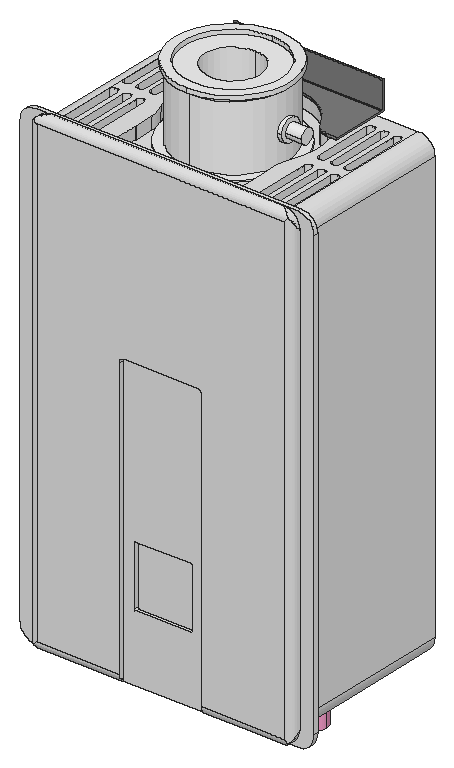
Revit family "HD28I", category Mechanical Equipment, Revit 2017
Family settings
  Round Connector Dimension = Use Diameter
  Part Type = Normal
  Work Plane-Based = No
  Always vertical = Yes
  Cut with Voids When Loaded = No
  Shared = No
  Room Calculation Point = No
Parameters
  Weight [instance] = 20.00 kg
  Mounting [instance] = "Internal only"
  Model = "HD28I"
  Max gas load [instance] = 210000000 J
  Max electric load [instance] = 104 W
  Link [instance] = "https://www.rinnai.com.au/commercial/"
  Hot water connections [instance] = "R 3/4"
  Gas connection [instance] = "R 3/4"
  Flow rate at 25°C rise [instance] = "28 l/min"
  Electrical [instance] = "240 / 1 / 50"
  Cold water connection = "R 3/4"
Reference planes
  plane 1 "Center (Front/Back)": y = 0
  plane 2: z = 0
  plane 3 "Center (Left/Right)": x = 0
Forms (mm)
  Extrusion 1, solid, material "Casing"
    sketch origin (0, 0, 0) x (1, 0, 0) y (0, 0, 1)
      loop
        line (-160.5, -5) -> (160.5, -5) -> (160.5, 558) -> (-160.5, 558) -> (-160.5, -5)
    from 0 to 200
  Extrusion 2, void
    sketch origin (0, 0, 0) x (1, 0, 0) y (0, 0, 1)
      loop
        arc (-160.5, 538) -> (-154.642, 552.142) -> (-140.5, 558) r 20
        line (-140.5, 558) -> (-160.5, 558) -> (-160.5, 538)
      loop
        line (160.5, 538) -> (160.5, 558) -> (140.5, 558)
        arc (140.5, 558) -> (154.642, 552.142) -> (160.5, 538) r 20
      loop
        line (-160.5, 15) -> (-160.5, -5) -> (-140.5, -5)
        arc (-140.5, -5) -> (-154.642, 0.858) -> (-160.5, 15) r 20
      loop
        arc (160.5, 15) -> (154.642, 0.858) -> (140.5, -5) r 20
        line (140.5, -5) -> (160.5, -5) -> (160.5, 15)
    from 0 to 200
  Sweep 3, solid, material "Casing"
    path origin (-18.5, 0, 0) x (1, 0, 0) y (0, 1, 0)
      loop
        line (-160, -200) -> (-160, -205)
    profile origin (-178.5, -202.5, 0) x (1, 0, 0) y (0, 0, 1)
      loop
        arc (0, 5) -> (5.858, -9.142) -> (20, -15) r 20
        line (20, -15) -> (337, -15)
        arc (337, -15) -> (351.142, -9.142) -> (357, 5) r 20
        line (357, 5) -> (357, 548)
        arc (357, 548) -> (351.142, 562.142) -> (337, 568) r 20
        line (337, 568) -> (20, 568)
        arc (20, 568) -> (5.858, 562.142) -> (0, 548) r 20
        line (0, 548) -> (0, 5)
  Extrusion 4, solid, material "Casing"
    sketch origin (0, 0, 0) x (1, 0, 0) y (0, 0, 1)
      loop
        line (-160.5, 548) -> (-160.5, 5)
        arc (-160.5, 5) -> (-154.642, -9.142) -> (-140.5, -15) r 20
        line (-140.5, -15) -> (140.5, -15)
        arc (140.5, -15) -> (154.642, -9.142) -> (160.5, 5) r 20
        line (160.5, 5) -> (160.5, 548)
        arc (160.5, 548) -> (154.642, 562.142) -> (140.5, 568) r 20
        line (140.5, 568) -> (-140.5, 568)
        arc (-140.5, 568) -> (-154.642, 562.142) -> (-160.5, 548) r 20
    from 205 to 215
  Extrusion 5, void
    sketch origin (0, 0, 0) x (0, 1, 0) y (0, 0, 1)
      loop
        line (-205, 568) -> (-215, 568) -> (-215, 558)
        arc (-215, 558) -> (-212.071, 565.071) -> (-205, 568) r 10
      loop
        arc (-205, -15) -> (-212.071, -12.071) -> (-215, -5) r 10
        line (-215, -5) -> (-215, -15) -> (-205, -15)
    from -178.5 to 178.5
  Extrusion 6, void
    sketch origin (0, 0, 0) x (1, 0, 0) y (0, 1, 0)
      loop
        line (-160.5, -205) -> (-160.5, -215) -> (-150.5, -215)
        arc (-150.5, -215) -> (-157.571, -212.071) -> (-160.5, -205) r 10
      loop
        arc (160.5, -205) -> (157.571, -212.071) -> (150.5, -215) r 10
        line (150.5, -215) -> (160.5, -215) -> (160.5, -205)
    from -15 to 568
  Extrusion 7, void
    sketch origin (0, -210, 0) x (1, 0, 0) y (0, 0, 1)
      loop
        arc (33.55, 67.7) -> (34.964, 68.286) -> (35.55, 69.7) r 2
        line (35.55, 69.7) -> (35.55, 141.3)
        arc (35.55, 141.3) -> (34.964, 142.714) -> (33.55, 143.3) r 2
        line (33.55, 143.3) -> (-33.55, 143.3)
        arc (-33.55, 143.3) -> (-34.964, 142.714) -> (-35.55, 141.3) r 2
        line (-35.55, 141.3) -> (-35.55, 69.7)
        arc (-35.55, 69.7) -> (-34.964, 68.286) -> (-33.55, 67.7) r 2
        line (-33.55, 67.7) -> (33.55, 67.7)
    from -110.792 to 35.096
  Sweep 8, void
    path origin (0, 0, 0) x (1, 0, 0) y (0, 1, 0)
      loop
        line (0, -210) -> (0, -215)
    profile origin (0, -212.5, 0) x (1, 0, 0) y (0, 0, 1)
      loop
        arc (-50, -12.173) -> (-50.879, -14.294) -> (-53, -15.173) r 3
        line (-53, -15.173) -> (53, -15.173)
        arc (53, -15.173) -> (50.879, -14.294) -> (50, -12.173) r 3
        line (50, -12.173) -> (50, 334)
        arc (50, 334) -> (48.243, 338.243) -> (44, 340) r 6
        line (44, 340) -> (-44, 340)
        arc (-44, 340) -> (-48.243, 338.243) -> (-50, 334) r 6
        line (-50, 334) -> (-50, -12.173)
  Extrusion 9, void
    sketch origin (-160, 0, 558) x (0, 1, 0) y (1, 0, 0)
      loop
        spline (-24.123, 288.822) -> (-22.783, 289.012) -> (-21.534, 289.51) -> (-20.462, 290.342) -> (-19.639, 291.412) -> (-19.122, 292.661) -> (-18.946, 294.001) -> (-19.123, 295.341) -> (-19.64, 296.59) -> (-20.463, 297.662) -> (-21.536, 298.484) -> (-22.786, 299.005) -> (-24.123, 299.178)
        line (-24.123, 299.178) -> (-96.123, 299.178)
        spline (-96.123, 299.178) -> (-97.464, 298.984) -> (-98.713, 298.491) -> (-99.785, 297.658) -> (-100.608, 296.588) -> (-101.125, 295.339) -> (-101.301, 293.998) -> (-101.124, 292.659) -> (-100.606, 291.41) -> (-99.783, 290.338) -> (-98.711, 289.516) -> (-97.461, 288.996) -> (-96.123, 288.822)
        line (-96.123, 288.822) -> (-24.123, 288.822)
      loop
        spline (-24.123, 272.822) -> (-22.783, 273.012) -> (-21.534, 273.51) -> (-20.462, 274.342) -> (-19.639, 275.412) -> (-19.122, 276.661) -> (-18.946, 278.001) -> (-19.123, 279.341) -> (-19.64, 280.59) -> (-20.463, 281.662) -> (-21.536, 282.484) -> (-22.786, 283.005) -> (-24.123, 283.178)
        line (-24.123, 283.178) -> (-96.123, 283.178)
        spline (-96.123, 283.178) -> (-97.464, 282.984) -> (-98.713, 282.491) -> (-99.785, 281.658) -> (-100.608, 280.588) -> (-101.125, 279.339) -> (-101.301, 277.998) -> (-101.124, 276.659) -> (-100.606, 275.41) -> (-99.783, 274.338) -> (-98.711, 273.516) -> (-97.461, 272.996) -> (-96.123, 272.822)
        line (-96.123, 272.822) -> (-24.123, 272.822)
      loop
        spline (-24.123, 256.822) -> (-22.783, 257.012) -> (-21.534, 257.51) -> (-20.462, 258.342) -> (-19.639, 259.412) -> (-19.122, 260.661) -> (-18.946, 262.001) -> (-19.123, 263.341) -> (-19.64, 264.59) -> (-20.463, 265.662) -> (-21.536, 266.484) -> (-22.786, 267.005) -> (-24.123, 267.178)
        line (-24.123, 267.178) -> (-96.123, 267.178)
        spline (-96.123, 267.178) -> (-97.464, 266.984) -> (-98.713, 266.491) -> (-99.785, 265.658) -> (-100.608, 264.588) -> (-101.125, 263.339) -> (-101.301, 261.998) -> (-101.124, 260.659) -> (-100.606, 259.41) -> (-99.783, 258.338) -> (-98.711, 257.516) -> (-97.461, 256.996) -> (-96.123, 256.822)
        line (-96.123, 256.822) -> (-24.123, 256.822)
      loop
        spline (-191.123, 299.178) -> (-192.463, 298.989) -> (-193.712, 298.49) -> (-194.785, 297.658) -> (-195.607, 296.588) -> (-196.125, 295.339) -> (-196.301, 293.999) -> (-196.124, 292.659) -> (-195.607, 291.41) -> (-194.783, 290.338) -> (-193.711, 289.516) -> (-192.46, 288.995) -> (-191.123, 288.822)
        line (-191.123, 288.822) -> (-119.123, 288.822)
        spline (-119.123, 288.822) -> (-117.783, 289.011) -> (-116.535, 289.51) -> (-115.462, 290.342) -> (-114.639, 291.412) -> (-114.122, 292.661) -> (-113.946, 294.001) -> (-114.123, 295.341) -> (-114.64, 296.59) -> (-115.463, 297.662) -> (-116.536, 298.484) -> (-117.786, 299.005) -> (-119.123, 299.178)
        line (-119.123, 299.178) -> (-191.123, 299.178)
      loop
        spline (-191.123, 283.178) -> (-192.463, 282.989) -> (-193.712, 282.49) -> (-194.785, 281.658) -> (-195.607, 280.588) -> (-196.125, 279.339) -> (-196.301, 277.999) -> (-196.124, 276.659) -> (-195.607, 275.41) -> (-194.783, 274.338) -> (-193.711, 273.516) -> (-192.46, 272.995) -> (-191.123, 272.822)
        line (-191.123, 272.822) -> (-119.123, 272.822)
        spline (-119.123, 272.822) -> (-117.783, 273.011) -> (-116.535, 273.51) -> (-115.462, 274.342) -> (-114.639, 275.412) -> (-114.122, 276.661) -> (-113.946, 278.001) -> (-114.123, 279.341) -> (-114.64, 280.59) -> (-115.463, 281.662) -> (-116.536, 282.484) -> (-117.786, 283.005) -> (-119.123, 283.178)
        line (-119.123, 283.178) -> (-191.123, 283.178)
      loop
        spline (-191.123, 267.178) -> (-192.463, 266.989) -> (-193.712, 266.49) -> (-194.784, 265.658) -> (-195.607, 264.588) -> (-196.125, 263.339) -> (-196.301, 261.999) -> (-196.124, 260.659) -> (-195.607, 259.41) -> (-194.783, 258.338) -> (-193.711, 257.516) -> (-192.46, 256.995) -> (-191.123, 256.822)
        line (-191.123, 256.822) -> (-119.123, 256.822)
        spline (-119.123, 256.822) -> (-117.783, 257.011) -> (-116.535, 257.51) -> (-115.462, 258.342) -> (-114.639, 259.412) -> (-114.122, 260.661) -> (-113.946, 262.001) -> (-114.123, 263.341) -> (-114.64, 264.59) -> (-115.463, 265.662) -> (-116.536, 266.484) -> (-117.786, 267.005) -> (-119.123, 267.178)
        line (-119.123, 267.178) -> (-191.123, 267.178)
      loop
        spline (-24.123, 52.822) -> (-22.786, 52.996) -> (-21.536, 53.516) -> (-20.464, 54.338) -> (-19.64, 55.41) -> (-19.123, 56.659) -> (-18.946, 57.998) -> (-19.122, 59.339) -> (-19.639, 60.588) -> (-20.462, 61.658) -> (-21.534, 62.491) -> (-22.782, 62.984) -> (-24.123, 63.178)
        line (-24.123, 63.178) -> (-96.123, 63.178)
        spline (-96.123, 63.178) -> (-97.461, 63.004) -> (-98.711, 62.484) -> (-99.783, 61.662) -> (-100.606, 60.59) -> (-101.124, 59.341) -> (-101.301, 58.002) -> (-101.125, 56.661) -> (-100.608, 55.412) -> (-99.785, 54.342) -> (-98.713, 53.509) -> (-97.464, 53.016) -> (-96.123, 52.822)
        line (-96.123, 52.822) -> (-24.123, 52.822)
      loop
        spline (-24.123, 36.822) -> (-22.786, 36.996) -> (-21.536, 37.516) -> (-20.464, 38.338) -> (-19.64, 39.41) -> (-19.123, 40.659) -> (-18.946, 41.998) -> (-19.122, 43.339) -> (-19.639, 44.588) -> (-20.462, 45.658) -> (-21.534, 46.491) -> (-22.782, 46.984) -> (-24.123, 47.178)
        line (-24.123, 47.178) -> (-96.123, 47.178)
        spline (-96.123, 47.178) -> (-97.461, 47.004) -> (-98.711, 46.484) -> (-99.783, 45.662) -> (-100.606, 44.59) -> (-101.124, 43.341) -> (-101.301, 42.002) -> (-101.125, 40.661) -> (-100.608, 39.412) -> (-99.785, 38.342) -> (-98.713, 37.509) -> (-97.464, 37.016) -> (-96.123, 36.822)
        line (-96.123, 36.822) -> (-24.123, 36.822)
      loop
        spline (-24.123, 20.822) -> (-22.786, 20.996) -> (-21.536, 21.516) -> (-20.464, 22.338) -> (-19.64, 23.41) -> (-19.123, 24.659) -> (-18.946, 25.998) -> (-19.122, 27.339) -> (-19.639, 28.588) -> (-20.462, 29.658) -> (-21.534, 30.491) -> (-22.782, 30.984) -> (-24.123, 31.178)
        line (-24.123, 31.178) -> (-96.123, 31.178)
        spline (-96.123, 31.178) -> (-97.461, 31.004) -> (-98.711, 30.484) -> (-99.783, 29.662) -> (-100.606, 28.59) -> (-101.124, 27.341) -> (-101.301, 26.002) -> (-101.125, 24.661) -> (-100.608, 23.412) -> (-99.785, 22.342) -> (-98.713, 21.509) -> (-97.464, 21.016) -> (-96.123, 20.822)
        line (-96.123, 20.822) -> (-24.123, 20.822)
      loop
        spline (-119.123, 52.822) -> (-117.786, 52.995) -> (-116.536, 53.516) -> (-115.463, 54.338) -> (-114.64, 55.41) -> (-114.123, 56.659) -> (-113.946, 57.999) -> (-114.122, 59.339) -> (-114.639, 60.588) -> (-115.462, 61.658) -> (-116.535, 62.49) -> (-117.783, 62.989) -> (-119.123, 63.178)
        line (-119.123, 63.178) -> (-191.123, 63.178)
        spline (-191.123, 63.178) -> (-192.46, 63.005) -> (-193.711, 62.484) -> (-194.783, 61.662) -> (-195.607, 60.59) -> (-196.124, 59.341) -> (-196.301, 58.001) -> (-196.125, 56.661) -> (-195.607, 55.412) -> (-194.785, 54.342) -> (-193.712, 53.51) -> (-192.463, 53.011) -> (-191.123, 52.822)
        line (-191.123, 52.822) -> (-119.123, 52.822)
      loop
        spline (-119.123, 36.822) -> (-117.786, 36.995) -> (-116.536, 37.516) -> (-115.463, 38.338) -> (-114.64, 39.41) -> (-114.123, 40.659) -> (-113.946, 41.999) -> (-114.122, 43.339) -> (-114.639, 44.588) -> (-115.462, 45.658) -> (-116.535, 46.49) -> (-117.783, 46.989) -> (-119.123, 47.178)
        line (-119.123, 47.178) -> (-191.123, 47.178)
        spline (-191.123, 47.178) -> (-192.46, 47.005) -> (-193.711, 46.484) -> (-194.783, 45.662) -> (-195.607, 44.59) -> (-196.124, 43.341) -> (-196.301, 42.001) -> (-196.125, 40.661) -> (-195.607, 39.412) -> (-194.785, 38.342) -> (-193.712, 37.51) -> (-192.463, 37.011) -> (-191.123, 36.822)
        line (-191.123, 36.822) -> (-119.123, 36.822)
      loop
        spline (-119.123, 20.822) -> (-117.786, 20.995) -> (-116.536, 21.516) -> (-115.463, 22.338) -> (-114.64, 23.41) -> (-114.123, 24.659) -> (-113.946, 25.999) -> (-114.122, 27.339) -> (-114.639, 28.588) -> (-115.462, 29.658) -> (-116.535, 30.49) -> (-117.783, 30.989) -> (-119.123, 31.178)
        line (-119.123, 31.178) -> (-191.123, 31.178)
        spline (-191.123, 31.178) -> (-192.46, 31.005) -> (-193.711, 30.484) -> (-194.783, 29.662) -> (-195.607, 28.59) -> (-196.124, 27.341) -> (-196.301, 26.001) -> (-196.125, 24.661) -> (-195.607, 23.412) -> (-194.785, 22.342) -> (-193.712, 21.51) -> (-192.463, 21.011) -> (-191.123, 20.822)
        line (-191.123, 20.822) -> (-119.123, 20.822)
    from 0 to 30
  Extrusion 10, void
    sketch origin (0, 0, 558) x (0, 1, 0) y (-1, 0, 0)
      loop
        spline (-57.897, -68.888) -> (-57.306, -68.091) -> (-56.704, -67.303) -> (-56.082, -66.533) -> (-55.427, -65.79) -> (-54.733, -65.08) -> (-54.002, -64.408) -> (-53.238, -63.774) -> (-52.443, -63.182) -> (-51.621, -62.63) -> (-50.779, -62.107) -> (-49.924, -61.605) -> (-49.062, -61.112)
        arc (-49.062, -61.112) -> (-11.672, -0.7) -> (-49.062, 59.712) r 67.5
        spline (-49.062, 59.712) -> (-49.926, 60.2) -> (-50.783, 60.699) -> (-51.625, 61.22) -> (-52.446, 61.774) -> (-53.24, 62.37) -> (-54.002, 63.007) -> (-54.73, 63.682) -> (-55.42, 64.394) -> (-56.072, 65.138) -> (-56.696, 65.908) -> (-57.302, 66.694) -> (-57.897, 67.488)
        line (-57.897, 67.488) -> (-58.43, 68.376)
        spline (-58.43, 68.376) -> (-58.811, 69.17) -> (-59.18, 69.968) -> (-59.529, 70.777) -> (-59.846, 71.599) -> (-60.124, 72.44) -> (-60.36, 73.295) -> (-60.554, 74.161) -> (-60.705, 75.036) -> (-60.815, 75.917) -> (-60.894, 76.802) -> (-60.952, 77.69) -> (-61, 78.579)
        line (-61, 78.579) -> (-61, -79.979)
        spline (-61, -79.979) -> (-60.956, -79.09) -> (-60.901, -78.203) -> (-60.823, -77.318) -> (-60.711, -76.437) -> (-60.557, -75.561) -> (-60.36, -74.695) -> (-60.121, -73.841) -> (-59.841, -73.003) -> (-59.522, -72.182) -> (-59.174, -71.373) -> (-58.807, -70.572) -> (-58.43, -69.776)
        line (-58.43, -69.776) -> (-57.897, -68.888)
    from 0 to 1.898
  Extrusion 11, solid, material "Default Floor"
    sketch origin (0, -21.6, 0) x (0, 1, 0) y (0, 0, 1)
      loop
        line (30, 593.2) -> (30, 560.4)
        arc (30, 560.4) -> (29.766, 559.834) -> (29.2, 559.6) r 0.8
        line (29.2, 559.6) -> (-37.8, 559.6)
        arc (-37.8, 559.6) -> (-38.931, 559.131) -> (-39.4, 558) r 1.6
        line (-39.4, 558) -> (30, 558)
        arc (30, 558) -> (31.131, 558.469) -> (31.6, 559.6) r 1.6
        line (31.6, 559.6) -> (31.6, 593.2)
        arc (31.6, 593.2) -> (30.8, 594) -> (30, 593.2) r 0.8
    from -89.3 to 90.7
  Extrusion 12, void
    sketch origin (-160, 0, 558) x (0, 1, 0) y (1, 0, 0)
      loop
        spline (-115.251, 80.988) -> (-110.954, 79.272) -> (-106.57, 77.799) -> (-102.1, 76.605) -> (-97.57, 75.673) -> (-92.991, 75.014) -> (-88.381, 74.63) -> (-83.756, 74.52) -> (-79.133, 74.689) -> (-74.528, 75.131) -> (-69.953, 75.834) -> (-65.445, 76.859) -> (-61, 78.144)
        line (-61, 78.144) -> (-61, 81.421)
        spline (-61, 81.421) -> (-60.922, 82.392) -> (-60.833, 83.362) -> (-60.722, 84.328) -> (-60.576, 85.289) -> (-60.386, 86.242) -> (-60.149, 87.185) -> (-59.866, 88.114) -> (-59.538, 89.025) -> (-59.168, 89.917) -> (-58.763, 90.791) -> (-58.336, 91.654) -> (-57.897, 92.512)
        spline (-57.897, 92.512) -> (-57.302, 93.306) -> (-56.696, 94.092) -> (-56.072, 94.862) -> (-55.42, 95.606) -> (-54.73, 96.318) -> (-54.002, 96.993) -> (-53.24, 97.63) -> (-52.446, 98.226) -> (-51.625, 98.78) -> (-50.783, 99.301) -> (-49.926, 99.8) -> (-49.062, 100.288)
        arc (-49.062, 100.288) -> (-11.672, 160.7) -> (-49.062, 221.112) r 67.5
        spline (-49.062, 221.112) -> (-49.983, 221.669) -> (-50.896, 222.236) -> (-51.795, 222.825) -> (-52.671, 223.446) -> (-53.517, 224.109) -> (-54.329, 224.816) -> (-55.102, 225.565) -> (-55.835, 226.352) -> (-56.525, 227.175) -> (-57.18, 228.027) -> (-57.811, 228.897) -> (-58.43, 229.776)
        spline (-58.43, 229.776) -> (-58.807, 230.572) -> (-59.174, 231.373) -> (-59.522, 232.182) -> (-59.841, 233.003) -> (-60.121, 233.841) -> (-60.36, 234.695) -> (-60.557, 235.561) -> (-60.711, 236.437) -> (-60.823, 237.318) -> (-60.901, 238.203) -> (-60.956, 239.09) -> (-61, 239.979)
        line (-61, 239.979) -> (-61, 243.489)
        spline (-61, 243.489) -> (-65.45, 244.759) -> (-69.963, 245.769) -> (-74.541, 246.456) -> (-79.148, 246.884) -> (-83.772, 247.036) -> (-88.398, 246.91) -> (-93.007, 246.51) -> (-97.585, 245.836) -> (-102.113, 244.888) -> (-106.58, 243.679) -> (-110.959, 242.19) -> (-115.251, 240.46)
        spline (-115.251, 240.46) -> (-116.802, 239.856) -> (-118.36, 239.271) -> (-119.93, 238.721) -> (-121.519, 238.225) -> (-123.128, 237.793) -> (-124.753, 237.428) -> (-126.391, 237.131) -> (-128.038, 236.902) -> (-129.692, 236.732) -> (-131.352, 236.606) -> (-133.015, 236.508) -> (-134.679, 236.425)
        line (-134.679, 236.425) -> (-150.315, 236.425) -> (-157.684, 236.425) -> (-160.223, 237.109) -> (-200, 237.109) -> (-200, 84.338) -> (-160.223, 84.338) -> (-157.684, 85.022) -> (-134.679, 85.022)
        spline (-134.679, 85.022) -> (-133.016, 84.958) -> (-131.354, 84.875) -> (-129.694, 84.754) -> (-128.04, 84.577) -> (-126.392, 84.332) -> (-124.756, 84.02) -> (-123.135, 83.64) -> (-121.533, 83.194) -> (-119.947, 82.692) -> (-118.375, 82.147) -> (-116.811, 81.574) -> (-115.251, 80.988)
    from 0 to 15
  Sweep 13, solid, material "HW"
    path origin (0, -18, 10) x (-1, 0, 0) y (0, 0, 1)
      loop
        line (-99.3, -15) -> (-99.3, -75)
    profile origin (99.3, -18, -35) x (0, -1, 0) y (1, 0, 0)
      loop
        circle (63, -209.3) r 12
  Sweep 14, solid, material "CW"
    path origin (90, -18, 10) x (-1, 0, 0) y (0, 0, 1)
      loop
        line (-99.3, -15) -> (-99.3, -75)
    profile origin (189.3, -18, -35) x (0, -1, 0) y (1, 0, 0)
      loop
        circle (42, -216.3) r 12
  Sweep 15, solid, material "GAS"
    path origin (240, -18, 10) x (-1, 0, 0) y (0, 0, 1)
      loop
        line (-99.3, -15) -> (-99.3, -75)
    profile origin (339.3, -18, -35) x (0, -1, 0) y (1, 0, 0)
      loop
        circle (71, -250.3) r 12
  Extrusion 16, void
    sketch origin (0, 0, -5) x (1, 0, 0) y (0, -1, 0)
      loop
        line (68.888, 57.897) -> (69.776, 58.43)
        spline (69.776, 58.43) -> (70.572, 58.807) -> (71.373, 59.174) -> (72.182, 59.522) -> (73.003, 59.841) -> (73.841, 60.121) -> (74.695, 60.36) -> (75.561, 60.557) -> (76.437, 60.711) -> (77.318, 60.823) -> (78.203, 60.901) -> (79.09, 60.956) -> (79.979, 61)
        line (79.979, 61) -> (-78.579, 61)
        spline (-78.579, 61) -> (-77.69, 60.952) -> (-76.802, 60.894) -> (-75.917, 60.815) -> (-75.036, 60.705) -> (-74.161, 60.554) -> (-73.295, 60.36) -> (-72.44, 60.124) -> (-71.599, 59.846) -> (-70.777, 59.529) -> (-69.968, 59.18) -> (-69.17, 58.811) -> (-68.376, 58.43)
        line (-68.376, 58.43) -> (-67.488, 57.897)
        spline (-67.488, 57.897) -> (-66.694, 57.302) -> (-65.908, 56.696) -> (-65.138, 56.072) -> (-64.394, 55.42) -> (-63.682, 54.73) -> (-63.007, 54.002) -> (-62.37, 53.24) -> (-61.774, 52.446) -> (-61.22, 51.625) -> (-60.699, 50.783) -> (-60.2, 49.926) -> (-59.712, 49.062)
        arc (-59.712, 49.062) -> (0.7, 11.672) -> (61.112, 49.062) r 67.5
        spline (61.112, 49.062) -> (61.605, 49.924) -> (62.107, 50.779) -> (62.63, 51.621) -> (63.182, 52.443) -> (63.774, 53.238) -> (64.408, 54.002) -> (65.08, 54.733) -> (65.79, 55.427) -> (66.533, 56.082) -> (67.303, 56.704) -> (68.091, 57.306) -> (68.888, 57.897)
    from 0 to 1.898
  Extrusion 17, solid, material "Default Floor"
    sketch origin (0, -21.6, 553) x (0, 1, 0) y (0, 0, 1)
      loop
        arc (30, -593.2) -> (30.8, -594) -> (31.6, -593.2) r 0.8
        line (31.6, -593.2) -> (31.6, -559.6)
        arc (31.6, -559.6) -> (31.131, -558.469) -> (30, -558) r 1.6
        line (30, -558) -> (-39.4, -558)
        arc (-39.4, -558) -> (-38.931, -559.131) -> (-37.8, -559.6) r 1.6
        line (-37.8, -559.6) -> (29.2, -559.6)
        arc (29.2, -559.6) -> (29.766, -559.834) -> (30, -560.4) r 0.8
        line (30, -560.4) -> (30, -593.2)
    from -89.3 to 90.7
Cuts and joins
  Extrusion 2, Extrusion 7, Extrusion 9, Extrusion 10, Extrusion 12 cuts Extrusion 1
  Extrusion 5, Extrusion 6, Extrusion 7, Sweep 8 cuts Extrusion 4
  Extrusion 10, Extrusion 16 cuts Extrusion 11
  Extrusion 12 cuts Sweep 3
  Extrusion 16 cuts Extrusion 17
Lines and regions (mm)
  model lines
    curve 1: line (-89.3, 10, 0) -> (-89.3, -60, 0)
Dimensions and locks
  aligned and locked: level to plane 2
Nested families
  nested 1: "1" at (-115.606, -927.731, -109.187) x (0, 1, 0) z (0, 0, 1), type "1"
    with Weight 29.00 kg, Mounting none, Max gas load 210000000 J, Max electric load 104 W, Link "https://www.rinnai.com.au/commercial/", Hot water connections "R 3/4", Gas connection "R 3/4", Flow rate at 25°C rise "32l/min", Electrical "240 / 1 / 50", Cold water connection "R 3/4"
Definition of nested family "1"
  Parameters (values of type "1")
    Weight [instance] = 29.00 kg
    Mounting [instance] = Internal Only : Internal Only
    Max gas load [instance] = 210000000 J
    Max electric load [instance] = 104 W
    Link [instance] = "https://www.rinnai.com.au/commercial/"
    Hot water connections [instance] = "R 3/4"
    Gas connection [instance] = "R 3/4"
    Flow rate at 25°C rise [instance] = "32l/min"
    Electrical [instance] = "240 / 1 / 50"
    Cold water connection [instance] = "R 3/4"
  Reference planes
    plane 1 "Center (Front/Back)": y = 0
    plane 2: z = 0
    plane 3 "Center (Left/Right)": x = 0
  Forms (mm)
    Sweep 1, solid
      path origin (97.628, 0, 0) x (1, 0, 0) y (0, 1, 0)
        loop
          circle (724.676, -115.606) r 70
      profile origin (822.304, -45.606, 0) x (0, -1, 0) y (0, 0, 1)
        loop
          line (3.099, 737.362) -> (4.398, 733.439) -> (4.398, 654.187) -> (68.474, 654.187) -> (68.474, 742.36) -> (0, 742.36) -> (0, 737.362) -> (3.099, 737.362)
    Extrusion 2, solid
      sketch origin (0, -175.835, 0) x (1, 0, 0) y (0, 0, 1)
        loop
          circle (822.281, 690.687) r 13.5
      from 0 to 10
    Extrusion 3, solid
      sketch origin (0, -185.835, 0) x (1, 0, 0) y (0, 0, 1)
        loop
          circle (822.281, 690.687) r 8.5
      from 0 to 20
    Extrusion 4, void
      sketch origin (0, 0, 674.187) x (0, 1, 0) y (1, 0, 0)
        loop
          circle (-115.606, 822.307) r 33.5
      from -85.759 to 20
    Extrusion 5, void
      sketch origin (0, 0, 0) x (1, 0, 0) y (0, 1, 0)
        loop
          circle (822.307, -115.606) r 58.5
      from 737.362 to 752.414
    Extrusion 6, solid
      sketch origin (0, 0, 652.187) x (1, 0, 0) y (0, 1, 0)
        loop
          arc (745.304, -115.606) -> (757.032, -156.455) -> (788.645, -184.859) r 77
          arc (788.645, -184.859) -> (829.286, -192.289) -> (867.917, -177.642) r 77
          arc (867.917, -177.642) -> (891.011, -150.368) -> (899.304, -115.606) r 77
          arc (899.304, -115.606) -> (889.647, -78.271) -> (863.099, -50.301) r 77
          arc (863.099, -50.301) -> (820.846, -38.62) -> (779.067, -51.891) r 77
          arc (779.067, -51.891) -> (754.266, -79.552) -> (745.304, -115.606) r 77
        loop
          circle (822.304, -115.606) r 61.503
      from 0 to 2
  Cuts and joins
    Extrusion 4, Extrusion 5 cuts Sweep 1
  Lines and regions (mm)
    Filled region 1, type "Drawing1.dwg--13", in view "Ref. Level"
      outline origin (0, 0, 0) x (1, 0, 0) y (0, 1, 0)
        loop
          line (2443.126, 537.634) -> (2443.719, 534.078) -> (2444.312, 537.634) -> (2443.126, 537.634)
    Filled region 2, type "Drawing1.dwg--13", in view "Ref. Level"
      outline origin (0, 0, 0) x (1, 0, 0) y (0, 1, 0)
        loop
          line (2443.126, 602.387) -> (2444.312, 602.387) -> (2443.719, 605.943) -> (2443.126, 602.387)
    Filled region 3, type "Drawing1.dwg--13", in view "Ref. Level"
      outline origin (0, 0, 0) x (1, 0, 0) y (0, 1, 0)
        loop
          line (2411.243, 622.004) -> (2412.428, 622.004) -> (2411.835, 625.56) -> (2411.243, 622.004)
    Filled region 4, type "Drawing1.dwg--13", in view "Ref. Level"
      outline origin (0, 0, 0) x (1, 0, 0) y (0, 1, 0)
        loop
          line (2411.243, 537.634) -> (2411.835, 534.078) -> (2412.428, 537.634) -> (2411.243, 537.634)
    Filled region 5, type "Drawing1.dwg--13", in view "Ref. Level"
      outline origin (0, 0, 0) x (1, 0, 0) y (0, 1, 0)
        loop
          line (2388.069, 537.634) -> (2388.661, 534.078) -> (2389.254, 537.634) -> (2388.069, 537.634)
    Filled region 6, type "Drawing1.dwg--13", in view "Ref. Level"
      outline origin (0, 0, 0) x (1, 0, 0) y (0, 1, 0)
        loop
          line (2388.069, 688.164) -> (2389.254, 688.164) -> (2388.661, 691.72) -> (2388.069, 688.164)
    Filled region 7, type "Drawing1.dwg--13", in view "Ref. Level"
      outline origin (0, 0, 0) x (1, 0, 0) y (0, 1, 0)
        loop
          line (2346.525, 537.634) -> (2347.118, 534.078) -> (2347.71, 537.634) -> (2346.525, 537.634)
    Filled region 8, type "Drawing1.dwg--13", in view "Ref. Level"
      outline origin (0, 0, 0) x (1, 0, 0) y (0, 1, 0)
        loop
          line (2346.525, 821.501) -> (2347.71, 821.501) -> (2347.118, 825.057) -> (2346.525, 821.501)
    Filled region 9, type "Drawing1.dwg--13", in view "Ref. Level"
      outline origin (0, 0, 0) x (1, 0, 0) y (0, 1, 0)
        loop
          line (2481.142, 446.981) -> (2477.586, 446.389) -> (2481.142, 445.796) -> (2481.142, 446.981)
    Filled region 10, type "Drawing1.dwg--13", in view "Ref. Level"
      outline origin (0, 0, 0) x (1, 0, 0) y (0, 1, 0)
        loop
          line (2945.053, 446.981) -> (2945.053, 445.796) -> (2948.609, 446.389) -> (2945.053, 446.981)
    Filled region 11, type "Drawing1.dwg--13", in view "Ref. Level"
      outline origin (0, 0, 0) x (1, 0, 0) y (0, 1, 0)
        loop
          line (2716.653, 507.808) -> (2713.097, 507.215) -> (2716.653, 506.622) -> (2716.653, 507.808)
    Filled region 12, type "Drawing1.dwg--13", in view "Ref. Level"
      outline origin (0, 0, 0) x (1, 0, 0) y (0, 1, 0)
        loop
          line (2700.283, 507.808) -> (2700.283, 506.622) -> (2703.839, 507.215) -> (2700.283, 507.808)
    Filled region 13, type "Drawing1.dwg--13", in view "Ref. Level"
      outline origin (0, 0, 0) x (1, 0, 0) y (0, 1, 0)
        loop
          line (2709.541, 484.509) -> (2709.541, 483.324) -> (2713.097, 483.916) -> (2709.541, 484.509)
    Filled region 14, type "Drawing1.dwg--13", in view "Ref. Level"
      outline origin (0, 0, 0) x (1, 0, 0) y (0, 1, 0)
        loop
          line (2587.037, 484.509) -> (2583.481, 483.916) -> (2587.037, 483.324) -> (2587.037, 484.509)
    Filled region 15, type "Drawing1.dwg--13", in view "Ref. Level"
      outline origin (0, 0, 0) x (1, 0, 0) y (0, 1, 0)
        loop
          line (2716.653, 484.509) -> (2713.097, 483.916) -> (2716.653, 483.324) -> (2716.653, 484.509)
    Filled region 16, type "Drawing1.dwg--13", in view "Ref. Level"
      outline origin (0, 0, 0) x (1, 0, 0) y (0, 1, 0)
        loop
          line (2851.869, 484.509) -> (2851.869, 483.324) -> (2855.425, 483.916) -> (2851.869, 484.509)
  Text (mm)
    text "359" at (2439.936, 570.01, 0), in view "Ref. Level"
    text "457" at (2408.052, 579.819, 0), in view "Ref. Level"
    text "788" at (2384.878, 612.899, 0), in view "Ref. Level"
    text "1455" at (2343.334, 679.567, 0), in view "Ref. Level"
    text "2355" at (2713.097, 450.172, 0), in view "Ref. Level"
    text "46" at (2661.992, 510.998, 0), in view "Ref. Level"
    text "648" at (2648.289, 487.7, 0), in view "Ref. Level"
    text "712" at (2784.261, 487.7, 0), in view "Ref. Level"
  Dimensions and locks
    aligned and locked: level to plane 2
